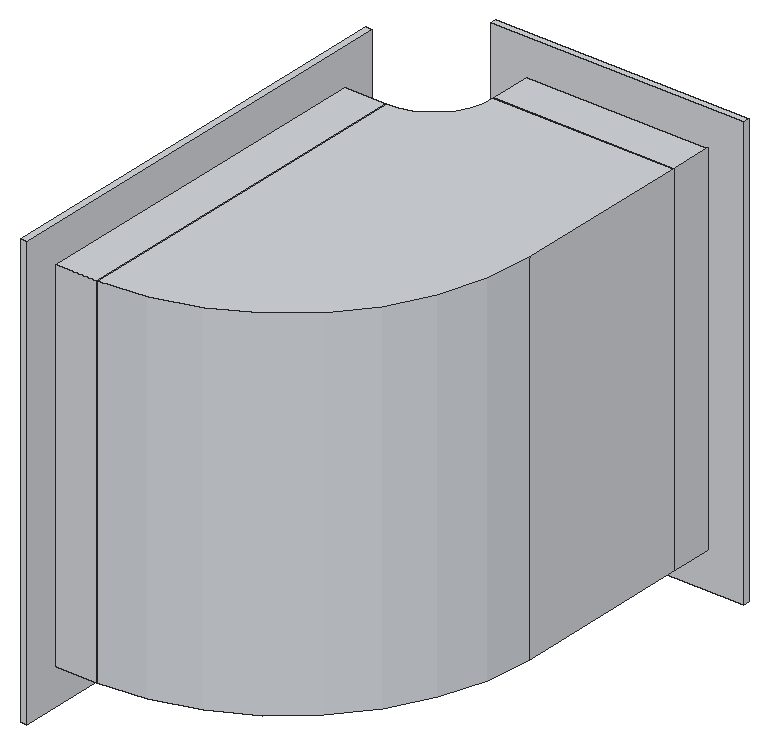
Revit family "RE Bogen asymmetrisch BA - Flansch", category Luftkanalformteile, Revit 2014
Parameters (values of type "Allgemein")
  r4 [instance] = r3 + Länge 17  # 300 mm
  r3 [instance] = if(b > d, if(Abschätzung 1 < 0 mm, r2 + 15 mm, r2), if(not(Abschätzung 2 < 0 mm), r2, r1 + d))  # 200 mm
  Alpha 4 [instance] = if(Abschätzung 1 > 0 mm, alpha, acos(Länge 18 / Länge 16))  # 90.00°
  Alpha 3 [instance] = if(not(Abschätzung 2 < 0 mm), alpha, asin((r1 + b) / (r1 + d)))  # 90.00°
  r2 [instance] = if((Abschätzung 2 < 0 mm), 5 mm, Länge 22 / tan(alpha 2 / 2))  # 200 mm
  r1 [instance] = if(r = 0 mm, if(0.9 * Max. abcd - 107.1 mm < 0.8 mm, 0.8 mm, 0.9 * Max. abcd - 107.1 mm), r)  # 50 mm
  r [instance] = 50 mm
  f2 [instance] = 35 mm  # constant formula
  f1 [instance] = if(f = 0 mm, f2, f)  # 35 mm
  f [instance] = 0 mm
  e2 [instance] = 35 mm  # constant formula
  e1 [instance] = if(e = 0 mm, e2, e)  # 35 mm
  e [instance] = 0 mm
  Max. bd [instance] = if(b > d, b, d)  # 300 mm
  Länge 19 [instance] = if(Abschätzung 1 > 0 mm, Länge 18, 20 mm)  # 200 mm
  Länge 18 [instance] = (r1 + d) * sin(alpha)  # 200 mm
  d [instance] = 150 mm
  c [instance] = a  # 300 mm
  b [instance] = 300 mm
  Länge21 [instance] = if(alpha = 90.00°, 0 mm, if(and(Abschätzung 1 > 0 mm, Abschätzung 2 > 0 mm), ((r1 + b) - (r1 + d) * cos(alpha 2)) / tan(alpha 2), 10 mm))  # 0 mm
  Länge 20 [instance] = if(alpha = 90.00°, 0 mm, ((r1 + b) - (r1 + d) * cos(alpha)) / tan(alpha))  # 0 mm
  alpha 2 [instance] = if(b > d, Alpha 4, Alpha 3)  # 90.00°
  alpha 1 [instance] = 180.00° - alpha 2  # 90.00°
  alpha [instance] = 90.00°
  a [instance] = 300 mm
  Breite 2 [instance] = 100 mm  # constant formula
  Breite 1 [instance] = b halb + Breite 2 + Max. bd  # 550 mm
  Sichtbarkeit 2 [instance] = if(Länge 7 > Länge 2, 1 > 0, Länge 1 + f1 < 10000 mm)  # no
  Sichtbarkeit 1 [instance] = if(Länge 7 > Länge 2, 0 > 1, or(Länge 1 + f1 > 10000 mm + 0.8 mm, Länge 1 + f1 = 10000 mm + 0.8 mm))  # yes
  Länge 23 [instance] = if(b > d, if(Abschätzung 1 > 0 mm, Länge 22 / tan(alpha 2 / 2), Länge 22 / tan(alpha 2 / 2) + 15 mm), if(Abschätzung 2 < 0 mm, 5 mm, Länge 22 / tan(alpha 2 / 2)))  # 200 mm
  Länge 22 [instance] = if(alpha = 90.00°, r1 + Länge 24, if(b > d, abs(Länge 19 - Länge21), if(not(Abschätzung 2 > 0 mm), (r1 + b) * sin(alpha), Länge21 / cos(alpha 2))))  # 200 mm
  Länge 24 [instance] = if(b > d, d, b)  # 150 mm
  Max. cd [instance] = if(d > c, d, c)  # 300 mm
  Max. abcd [instance] = if(Max. ab > Max. cd, Max. ab, Max. cd)  # 300 mm
  Max. ab [instance] = if(b > a, b, a)  # 300 mm
  Länge 9 [instance] = if(Länge 1 - 10000 mm + f1 < 0.8 mm, 2 mm, Länge 1 - 10000 mm + f1)  # 160 mm
  Länge 8 [instance] = sqrt((10000 mm - Länge 6) ^ 2 + (Länge 2 - Länge 7) ^ 2)  # 200 mm
  Länge 7 [instance] = Länge 3 * cos(alpha)  # 0 mm
  Länge 6 [instance] = -Länge 3 * sin(alpha) + Länge 1  # 10000 mm
  Länge 5 [instance] = (b - d) / 2  # 75 mm
  Länge 4 [instance] = Länge 2 * tan(alpha / 2)  # 200 mm
  Länge 3 [instance] = r1 + d / 2  # 125 mm
  Länge 15 [instance] = if((r1 + b) * cos(alpha) - (r1 + d) > 0 mm, e1, (r1 + b) * sin(alpha) + e1)  # 385 mm
  Länge 14 [instance] = if(alpha = 90.00°, r1 + d + f1, if((r1 + b) / cos(alpha) - (r1 + d) < 0 mm, f1, (r1 + b) * tan(alpha) + f1))  # 235 mm
  Länge 17 [instance] = 100 mm  # constant formula
  Länge 16 [instance] = sqrt((r1 + b) * (r1 + b) + (r1 + d) * (r1 + d) - 2 * (r1 + b) * (r1 + d) * cos(alpha))  # 403.113 mm
  Länge 13 [instance] = Flanschstärke * sin(alpha)  # 5 mm
  Länge 12 [instance] = Flanschstärke * cos(alpha)  # 0 mm
  Länge 11 [instance] = e1 * sin(alpha)  # 35 mm
  Länge 10 [instance] = e1 * cos(alpha)  # 0 mm
  Länge 1 [instance] = -Länge 2 * cos(alpha) / sin(alpha) + Länge 3 / sin(alpha) + 10000 mm  # 10125 mm
  Länge 2 [instance] = r1 + b / 2  # 200 mm
  Abschätzung 2 [instance] = Länge 20  # 0 mm
  Abschätzung 1 [instance] = (Länge 18 - Länge 20)  # 200 mm
  Höhe [instance] = if(a > c, a, c)  # 300 mm
  b halb [instance] = b * 0.5  # 150 mm
  Flansch d [instance] = d + 2 * Flanschverlängerung  # 210 mm
  Flansch c [instance] = c + 2 * Flanschverlängerung  # 360 mm
  Flansch b [instance] = b + 2 * Flanschverlängerung  # 360 mm
  Flansch a [instance] = a + 2 * Flanschverlängerung  # 360 mm
  Flanschstärke [instance] = 5 mm
  Flanschverlängerung [instance] = 30 mm
  Assembly Code = ""
Reference planes
  plane 1 "Mitte (Vorne/Hinten)": y = 0
  plane 2: z = 0
  plane 3 "Mitte (Links/Rechts)": x = 0
  plane 4: x = -160
  plane 5: x = -125
  plane 6: y = 200
  plane 7: x = 117.528
  plane 8: x = 0
  plane 9: y = 200
  plane 10: x = 10000
  plane 11: x = 0
  plane 12: x = 0
  plane 13: y = 235
  plane 14: x = -165
  plane 15: y = 240
  plane 16: x = 0
  plane 17: y = 180
  plane 18: y = -180
  plane 19: x = 75
  plane 20: x = 75
  plane 21: x = -125
  plane 22: y = 150
  plane 23: y = -150
  plane 24: y = 50
  plane 25: z = 150
  plane 26: z = -150
Forms (mm)
  Sweep 1, solid, detail levels medium+fine
    path in 3D
      loop
        line (-125, 0, 0) -> (-160, 0, 0)
    profile "Luftkanal - rechteckig : Luftkanal - rechteckig 1" origin (-142.5, 0, 0) x (0, -1, 0) y (0, 0, 1)
      loop
        line (-150, 150) -> (-150, -150) -> (150, -150) -> (150, 150) -> (-150, 150)
  Sweep 2, solid, detail levels medium+fine
    path in 3D
      loop
        line (0, 200, 0) -> (0, 235, 0)
    profile "Luftkanal - rechteckig : Luftkanal - rechteckig 2" origin (0, 217.5, 0) x (-1, 0, 0) y (0, 0, 1)
      loop
        line (-75, 150) -> (-75, -150) -> (75, -150) -> (75, 150) -> (-75, 150)
  Sweep 3, solid, detail levels fine
    path in 3D
      loop
        line (-165, 0, 0) -> (-160, 0, 0)
    profile "Luftkanal - rechteckig : Luftkanal - Flansch 1" origin (-162.5, 0, 0) x (0, 1, 0) y (0, 0, 1)
      loop
        line (-180, 180) -> (-180, -180) -> (180, -180) -> (180, 180) -> (-180, 180)
  Sweep 4, solid, detail levels medium+fine
    path in 3D
      loop
        line (-165, 0, 0) -> (-160, 0, 0)
    profile "Luftkanal - rechteckig : Luftkanal - rechteckig 1" origin (-162.5, 0, 0) x (0, 1, 0) y (0, 0, 1)
      loop
        line (-150, 150) -> (-150, -150) -> (150, -150) -> (150, 150) -> (-150, 150)
  Sweep 5, solid, detail levels fine
    path in 3D
      loop
        line (0, 235, 0) -> (0, 240, 0)
    profile "Luftkanal - rechteckig : Luftkanal - Flansch 2" origin (0, 237.5, 0) x (-1, 0, 0) y (0, 0, 1)
      loop
        line (-105, 180) -> (-105, -180) -> (105, -180) -> (105, 180) -> (-105, 180)
  Sweep 6, solid, detail levels medium+fine
    path in 3D
      loop
        line (0, 235, 0) -> (0, 240, 0)
    profile "Luftkanal - rechteckig : Luftkanal - rechteckig 2" origin (0, 237.5, 0) x (-1, 0, 0) y (0, 0, 1)
      loop
        line (-75, 150) -> (-75, -150) -> (75, -150) -> (75, 150) -> (-75, 150)
  Sweep 7, void
    path in 3D
      loop
        line (105, 235, 0) -> (105, -150, 0)
    profile "Luftkanal - rechteckig : Luftkanal - Abzugskörper" origin (105, 42.5, 0) x (1, 0, 0) y (0, 0, 1)
      loop
        line (-30, 150) -> (-30, -150) -> (70, -150) -> (70, 150) -> (-30, 150)
  Extrusion 8, void
    sketch origin (0, 0, 0) x (1, 0, 0) y (0, 1, 0)
      loop
        line (-160, -150) -> (-160, -550) -> (75, -550) -> (75, -150) -> (-160, -150)
    from -150 to 150
  Extrusion 9, solid, detail levels medium+fine
    sketch origin (0, 0, 0) x (1, 0, 0) y (0, 1, 0)
      loop
        arc (-125, -150) -> (16.421, -91.421) -> (75, 50) r 200
        line (75, 50) -> (-125, 50) -> (-125, -150)
    from -150 to 150
  Extrusion 10, void
    sketch origin (0, 0, 0) x (1, 0, 0) y (0, 1, 0)
      loop
        line (-125, 200) -> (-125, 150)
        arc (-125, 150) -> (-89.645, 164.645) -> (-75, 200) r 50
        line (-75, 200) -> (-125, 200)
    from -150 to 150
  Extrusion 11, void
    sketch origin (0, 0, 0) x (1, 0, 0) y (0, 1, 0)
      loop
        line (-125, -150) -> (-125, -250)
        arc (-125, -250) -> (87.132, -162.132) -> (175, 50) r 300
        line (175, 50) -> (75, 50)
        arc (75, 50) -> (16.421, -91.421) -> (-125, -150) r 200
    from -150 to 150
  SweptBlend 12, solid, detail levels medium+fine
    path in 3D
      loop
        arc (-125, 0, 0) -> (16.421, 58.579, 0) -> (75, 200, 0) r 200
    profile "Luftkanal - rechteckig : Luftkanal - rechteckig 1" origin (-125, 0, 0) x (0, 1, 0) y (0, 0, 1)
      loop
        line (-150, 150) -> (-150, -150) -> (150, -150) -> (150, 150) -> (-150, 150)
    end profile "Luftkanal - rechteckig : Luftkanal - rechteckig 2" origin (75, 200, 0) x (-1, 0, 0) y (0, 0, 1)
      loop
        line (0, 150) -> (0, -150) -> (150, -150) -> (150, 150) -> (0, 150)
Cuts and joins
  joined: Sweep 1, Sweep 4
  joined: Sweep 2, Sweep 6
  Sweep 7, Extrusion 10 cuts Extrusion 9
  Sweep 7, Extrusion 8, Extrusion 11 cuts SweptBlend 12
  joined: Extrusion 9, SweptBlend 12
Lines and regions (mm)
  reference lines
    curve 1: arc (-125, 0, 0) -> (16.421, 58.579, 0) -> (75, 200, 0) r 200
    curve 2: line (-125, 0, 0) -> (-160, 0, 0)
    curve 4: line (0, 200, 0) -> (0, 235, 0)
    curve 6: line (0, 200, 0) -> (0, 80, 0)
    curve 7: line (0, 200, 0) -> (-130, 200, 0)
    curve 8: line (0, 235, 0) -> (-95, 235, 0)
    curve 9: line (-260.979, 0, 0) -> (274.021, 0, 0)
    curve 12: line (-165, 0, 0) -> (-160, 0, 0)
    curve 15: line (0, 235, 0) -> (0, 240, 0)
    curve 18: line (0, 240, 0) -> (-75, 240, 0)
    curve 19: line (-105, 302.802, 0) -> (-105, 162.802, 0)
    curve 20: line (105, 235, 0) -> (105, -150, 0)
  sketch lines
    curve 3: line (-125, 0, 0) -> (-160, 0, 0)
    curve 5: line (0, 200, 0) -> (0, 235, 0)
    curve 13: line (-165, 0, 0) -> (-160, 0, 0)
    curve 14: line (-165, 0, 0) -> (-160, 0, 0)
    curve 16: line (0, 235, 0) -> (0, 240, 0)
    curve 17: line (0, 235, 0) -> (0, 240, 0)
    curve 26: line (105, 235, 0) -> (105, -150, 0)
    curve 27: arc (-125, 0, 0) -> (16.421, 58.579, 0) -> (75, 200, 0) r 200
  model lines, visible <- "Sichtbarkeit 1", detail levels coarse
    curve 10: line (-160, 0, 0) -> (0, 0, 0)
    curve 11: line (0, 235, 0) -> (0, 0, 0)
    curve 21: line (0, 235, 0) -> (0, 240, 0)
    curve 23: line (-165, 0, 0) -> (-160, 0, 0)
  model lines, detail levels coarse
    curve 22: line (105, 240, 0) -> (-105, 240, 0)
    curve 25: line (-165, 180, 0) -> (-165, -180, 0)
  model lines, visible <- "Sichtbarkeit 2", detail levels coarse
    curve 24: line (0, 240, 0) -> (-165, 0, 0)
Dimensions and locks
  "Länge 2": plane 6 to plane 1 "Mitte (Vorne/Hinten)"
  "f1": plane 4 to plane 5
  "Länge 7": plane 6 to plane 9
  locked: plane 3 "Mitte (Links/Rechts)" to plane 10 at 10000
  "Länge 1": plane 5 to plane 10
  "Länge 6": plane 8 to plane 10
  "e1": curve 4 to curve 4
  "Länge 8": curve 9 to curve 7
  "Länge 9": plane 4 to plane 11
  "Länge 10": plane 8 to plane 12
  "Länge 11": plane 13 to plane 9
  "Flanschstärke": plane 14 to plane 4
  "Flanschstärke": curve 15 to curve 15
  equal spacing: curve 19, curve 15, curve 20
  "Flansch d": curve 19 to curve 20
  "Länge 13": plane 15 to plane 13
  "Länge 12": plane 12 to plane 16
  equal spacing: plane 17, plane 1 "Mitte (Vorne/Hinten)", plane 18
  "Flansch b": plane 18 to plane 17
  "Länge 15": curve 20 to curve 20
  "b halb": Extrusion 8 sketch curve to plane 1 "Mitte (Vorne/Hinten)"
  "Breite 1": plane 1 "Mitte (Vorne/Hinten)" to Extrusion 8 sketch curve
  "Länge 14": plane 4 to Extrusion 8 sketch curve
  equal spacing: Extrusion 8, plane 2, Extrusion 8
  "Höhe": Extrusion 8 to Extrusion 8
  "Länge 19": plane 5 to plane 19
  "Länge21": plane 20 to plane 19
  "Länge 22": plane 21 to plane 20
  equal spacing: plane 22, plane 1 "Mitte (Vorne/Hinten)", plane 23
  "b": plane 22 to plane 23
  "Länge 23": plane 24 to plane 23
  equal spacing: plane 25, plane 2, plane 26
  "c": plane 25 to plane 26
  "r2": Extrusion 9 sketch curve to Extrusion 9 sketch curve  (x2)
  "r1": Extrusion 10 sketch curve to Extrusion 10 sketch curve  (x2)
  "Länge 17": Extrusion 11 sketch curve to Extrusion 11 sketch curve
  "r2": radius of Extrusion 9 sketch curve
  "r1": radius of Extrusion 10 sketch curve
  "r3": radius of Extrusion 11 sketch curve
  "r4": radius of Extrusion 11 sketch curve
  "alpha": angle curve 1 to curve 1
  "alpha": angle plane 9 to curve 4
  locked: curve 4 to curve 6 (angle 180.00°)
  locked: curve 4 to curve 7 (angle 90.00°)
  locked: curve 8 to curve 4 (angle 90.00°)
  locked: curve 6 to curve 9 (angle 90.00°)
  "alpha": angle plane 13 to curve 15
  locked: curve 18 to curve 15 (angle 90.00°)
  locked: curve 18 to curve 19 (angle 90.00°)
  locked: curve 20 to curve 18 (angle 90.00°)
  "alpha 2": angle plane 21 to Extrusion 9 sketch curve
  "alpha 2": angle Extrusion 9 sketch curve to Extrusion 9 sketch curve
  angle curve 7 to plane 21 = 90.00°
  "alpha": angle plane 21 to Extrusion 10 sketch curve
  "alpha": angle Extrusion 10 sketch curve to Extrusion 10 sketch curve
  "alpha 2": angle Extrusion 11 sketch curve to Extrusion 11 sketch curve  (x2)
  aligned and locked: level to plane 2
  aligned and locked: plane 6 to curve 1
  aligned and locked: plane 5 to curve 1
  aligned and locked: plane 5 to curve 2
  aligned and locked: plane 4 to curve 2
  aligned and locked: curve 2 to plane 1 "Mitte (Vorne/Hinten)"
  aligned and locked: plane 9 to curve 4
  aligned and locked: plane 8 to curve 4
  aligned and locked: plane 9 to curve 7
  aligned and locked: plane 8 to curve 7
  aligned and locked: curve 10 to curve 2
  aligned and locked: plane 11 to curve 10
  aligned and locked: curve 9 to curve 11
  aligned and locked: plane 14 to curve 12
  aligned and locked: plane 4 to curve 12
  aligned and locked: plane 1 "Mitte (Vorne/Hinten)" to curve 12
  aligned and locked: plane 13 to curve 15
  aligned and locked: plane 12 to curve 15
  aligned and locked: curve 15 to curve 21
  aligned and locked: plane 13 to curve 21
  aligned and locked: curve 22 to curve 18
  aligned and locked: curve 19 to curve 22
  aligned and locked: curve 22 to curve 20
  aligned and locked: plane 1 "Mitte (Vorne/Hinten)" to curve 23
  aligned and locked: plane 14 to curve 23
  aligned and locked: plane 4 to curve 23
  aligned and locked: plane 1 "Mitte (Vorne/Hinten)" to curve 24
  aligned and locked: plane 14 to curve 24
  aligned and locked: plane 15 to curve 24
  aligned and locked: plane 16 to curve 24
  aligned and locked: plane 17 to curve 25
  aligned and locked: curve 25 to plane 18
  aligned and locked: curve 25 to plane 14
  aligned and locked: curve 20 to Sweep 5
  aligned and locked: plane 4 to Extrusion 8 sketch curve
  aligned and locked: plane 25 to cut or joined group of Sweep 7, Extrusion 8, Extrusion 9, Extrusion 10, Extrusion 11, SweptBlend 12
  aligned and locked: cut or joined group of Sweep 7, Extrusion 8, Extrusion 9, Extrusion 10, Extrusion 11, SweptBlend 12 to plane 26
  aligned and locked: plane 24 to Extrusion 9 sketch curve  (x2)
  aligned and locked: plane 21 to Extrusion 9 sketch curve
  aligned and locked: Extrusion 9 sketch curve to plane 21
  aligned and locked: Extrusion 10 to plane 26
  aligned and locked: plane 25 to Extrusion 10
  aligned and locked: plane 21 to Extrusion 10 sketch curve
  aligned and locked: plane 6 to Extrusion 10 sketch curve  (x2)
  aligned and locked: Extrusion 10 sketch curve to plane 21
  aligned and locked: plane 21 to Extrusion 11 sketch curve  (x2)
  aligned and locked: plane 24 to Extrusion 11 sketch curve  (x2)
  aligned and locked: Extrusion 11 sketch curve to plane 21
  aligned and locked: Extrusion 11 to plane 26
  aligned and locked: plane 25 to Extrusion 11
Automatic sketch dimensions
  curve 4 to curve 20 = 0 mm
  curve 19 to curve 4 = 37.198 mm
  curve 9 to curve 20 = 169.021 mm
Connectors
  hvac at (-165, 0, 0), driven by "a", driven by "b", driven by "alpha"
    settings: on cut or joined group of Sweep 1, Sweep 4, index 1, duct flow 0.0 L/s, flow factor 0, pres drop 0.0 Pa, loss coef 0, conn angle 90.00°, conn width 300 mm, conn height 300 mm, conn diameter 609.6 mm, duct sys type 28, conn prof type 1, flow config 0, flow direction 0, loss method 0, conn ref index 2, conn util no, is conn primary yes, conn desc ""
  hvac at (0, 240, 0), driven by "a", driven by "d", driven by "alpha"
    settings: on cut or joined group of Sweep 2, Sweep 6, index 2, duct flow 0.0 L/s, flow factor 0, pres drop 0.0 Pa, loss coef 0, conn angle 90.00°, conn width 150 mm, conn height 300 mm, conn diameter 609.6 mm, duct sys type 28, conn prof type 1, flow config 0, flow direction 0, loss method 0, conn ref index 1, conn util no, is conn primary no, conn desc ""
